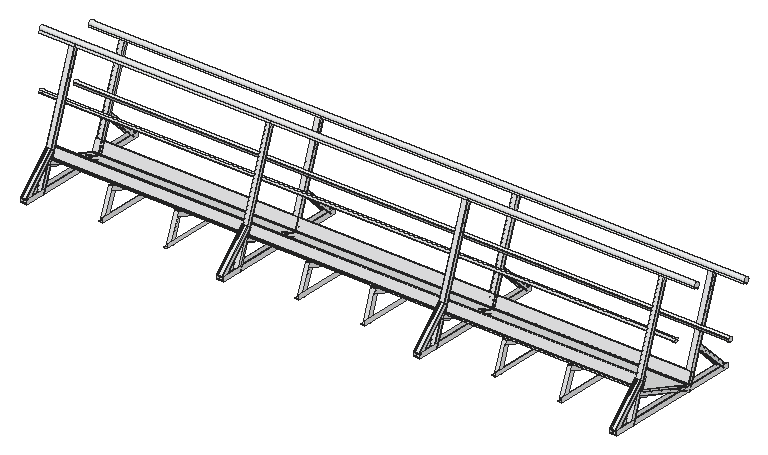
Revit family "Walkway_KattsafeUSA_Guardrail2Sides_Levelled", category Specialty Equipment, Revit 2026 (continued)
Definition of nested family "z_Walkway_LevelledBatten_KattsafeUSA_Array_2Guardrail"
  Definition of nested family "z_Walkway_LevelledBatten_KattsafeUSA_2Guardrail"
    Forms (in)
      SweptBlend 3, solid, material <- "Material"
        profile origin (-1.01514, 26.85467, 1.5748) x (0, -0.34202, -0.939693) y (1, 0, 0)
          loop
            line (0, -0.90551) -> (0.11811, -0.90551) -> (0.11811, 0.55118) -> (1.5748, 0.55118) -> (1.5748, 0.66929) -> (0, 0.66929) -> (0, -0.90551)
        end profile origin (-1.01514, 2.32647, 10.50234) x (0, -0.34202, -0.939693) y (1, 0, 0)
          loop
            line (0, -0.90551) -> (0.11811, -0.90551) -> (0.11811, 0.55118) -> (1.5748, 0.55118) -> (1.5748, 0.66929) -> (0, 0.66929) -> (0, -0.90551)
    Cuts and joins
      joined: Sweep 2, SweptBlend 3
    Lines and regions (in)
      reference lines
        curve 1: line (-1.01514, -1.49606, 0) -> (-1.01514, 2.32647, 10.50234)
        curve 2: line (-1.01514, 26.85467, 1.5748) -> (-1.01514, 2.32647, 10.50234)
    Dimensions and locks (in)
      plane 6 "Base Channel_Top" to plane 1 "Bottom" = 0' - 1.5748"
      equal spacing: plane 3 "Post_Front", plane 7 "Post_Centre (Front/Back)", plane 2 "Post_Back"
      equal spacing: plane 8 "Left", plane 4 "Center (Left/Right)", plane 9 "Right"
      "ManufacturerOverallWidth": plane 8 "Left" to plane 9 "Right"
      locked: plane 3 "Post_Front" to plane 5 "Front" at 1.65354
      locked: plane 2 "Post_Back" to plane 3 "Post_Front" at 1.5748
      curve 1 to curve 2 = 2' - 2.10236"
      locked: SweptBlend 3 sketch curve to curve 1 at 0
      locked: Sweep 1 sketch curve to plane 9 "Right" at 0.11811
      locked: Sweep 1 sketch curve to plane 1 "Bottom" at 0.11811
      locked: Sweep 2 sketch curve to curve 1 at 0.11993
      "ManufacturerOverallDepth": plane 10 "Back" to plane 5 "Front"
      locked: Sweep 2 sketch curve to curve 2 at 0
      "RoofPitch_Calc": angle plane 1 "Bottom" to curve 1
      "RoofPitch": angle plane 1 "Bottom" to curve 2
      aligned and locked: level to plane 1 "Bottom"
      aligned and locked: plane 10 "Back" to Sweep 1 sketch curve
      aligned and locked: curve 1 to Sweep 2 sketch curve
      aligned and locked: profile plane to Sweep 2 sketch curve
      aligned and locked: curve 2 to SweptBlend 3 sketch curve
      aligned and locked: plane 8 "Left" to Sweep 1 sketch curve
      aligned and locked: Sweep 1 sketch curve to plane 6 "Base Channel_Top"
      aligned and locked: Sweep 1 sketch curve to plane 9 "Right"
      aligned and locked: plane 6 "Base Channel_Top" to curve 2
      aligned and locked: plane 3 "Post_Front" to curve 1
      aligned and locked: plane 1 "Bottom" to curve 1
    Automatic sketch dimensions
      Sweep 1 sketch curve to plane 5 "Front" = 0' - 0"
      plane 6 "Base Channel_Top" to Sweep 1 sketch curve = 0' - 0"
      Sweep 1 sketch curve to Sweep 1 sketch curve = 0' - 0.11811"
      profile plane to Sweep 2 sketch curve = 0' - 0.11811"
      plane 4 "Center (Left/Right)" to Sweep 2 sketch curve = 0' - 0.43307"
      Sweep 2 sketch curve to Sweep 2 sketch curve = 0' - 1.45669"
      Sweep 2 sketch curve to plane 4 "Center (Left/Right)" = 0' - 1.02362"
      Sweep 2 sketch curve to Sweep 2 sketch curve = 0' - 0.11811"
      SweptBlend 3 sketch curve to profile plane = 0' - 0"
      SweptBlend 3 sketch curve to profile plane = 0' - 0.11811"  (x2)
      SweptBlend 3 sketch curve to SweptBlend 3 sketch curve = 0' - 1.45669"  (x2)
      SweptBlend 3 sketch curve to plane 4 "Center (Left/Right)" = 0' - 0.90551"  (x2)
      plane 4 "Center (Left/Right)" to SweptBlend 3 sketch curve = 0' - 0.55118"  (x2)
      SweptBlend 3 sketch curve to SweptBlend 3 sketch curve = 0' - 0.11811"  (x2)
      profile plane to SweptBlend 3 sketch curve = 0' - 0"
      plane 6 "Base Channel_Top" to SweptBlend 3 sketch curve = 0' - 0"
Definition of nested family "z_Guardrail_KattsafeUSA_HandrailTube"
  Parameters (values of type "GW374")
    URL = "https://kattsafe.com"
    Type Comments = ""
    Model = "GW374"
    Material [instance] = none
    ManufacturerURLProductSpecific = ""
    ManufacturerSpecCode = Model  # "GW374"
    ManufacturerOverallWidth = 0' - 1.9685"  # constant formula
    ManufacturerOverallLength [instance] = 19' - 8.22047"
    ManufacturerOverallHeight = 0' - 2.24409"  # constant formula
    Manufacturer = "Kattsafe®"  # constant formula
    Keynote = ""
    Description = "Handrail Tube"
    Default Elevation = 0' - 0"  # constant formula
    CreatedBy = "IGS BIM Solutions"  # constant formula
    CreatedByURL = "https://igsgroup.com.au"
  Reference planes (in)
    plane 1 "Bottom": z = 0
    plane 2 "Center (Front/Back)": y = 0
    plane 3 "Front": y = -0.98425
    plane 4 "Left": x = -1.01514
    plane 5 "Center (Left/Right)": x = 117.0951
    plane 6 "Top": z = 2.24409
    plane 7 "Right": x = 235.20533
    plane 8 "Back": y = 0.98425
    plane 9 "Rail_Top": z = 0.59055
  Forms (in)
    Extrusion 1, solid, material <- "Material"
      sketch origin (-1.01514, 0, 0) x (0, 1, 0) y (0, 0, 1)
        loop
          arc (0.82677, 0.7258) -> (0, 2.24409) -> (-0.82677, 0.7258) r 0.98425
          line (-0.82677, 0.7258) -> (-0.82677, 0) -> (-0.7874, 0) -> (-0.7874, 0.59055) -> (0.7874, 0.59055) -> (0.7874, 0) -> (0.82677, 0) -> (0.82677, 0.7258)
      from 0 to 236.22047
  Dimensions and locks (in)
    "ManufacturerOverallWidth": plane 8 "Back" to plane 3 "Front"
    "ManufacturerOverallHeight": plane 6 "Top" to plane 1 "Bottom"
    equal spacing: plane 4 "Left", plane 5 "Center (Left/Right)", plane 7 "Right"
    "ManufacturerOverallLength": plane 4 "Left" to plane 7 "Right"
    equal spacing: plane 8 "Back", plane 2 "Center (Front/Back)", plane 3 "Front"
    locked: plane 9 "Rail_Top" to plane 1 "Bottom" at 0.59055
    aligned and locked: plane 1 "Bottom" to level
    aligned and locked: Extrusion 1 sketch curve to plane 1 "Bottom"  (x2)
    aligned and locked: Extrusion 1 to plane 4 "Left"
    aligned and locked: Extrusion 1 to plane 7 "Right"
  Automatic sketch dimensions
    Extrusion 1 sketch curve to plane 2 "Center (Front/Back)" = 0' - 0"
    Extrusion 1 sketch curve to Extrusion 1 sketch curve = 0' - 0.13525"
    Extrusion 1 sketch curve to plane 9 "Rail_Top" = 0' - 0.13525"
    Extrusion 1 sketch curve to Extrusion 1 sketch curve = 0' - 0.03937"  (x2)
    plane 3 "Front" to Extrusion 1 sketch curve = 0' - 0.19685"
    Extrusion 1 sketch curve to plane 9 "Rail_Top" = 0' - 0.66929"
    plane 9 "Rail_Top" to Extrusion 1 sketch curve = 0' - 0"
Definition of nested family "z_Guardrail_KattsafeUSA_KneerailTube"
  Parameters (values of type "GW375")
    URL = "https://kattsafe.com"
    Type Comments = ""
    Model = "GW375"
    Material [instance] = none
    ManufacturerURLProductSpecific = ""
    ManufacturerSpecCode = Model  # "GW375"
    ManufacturerOverallWidth = 0' - 1.35039"  # constant formula
    ManufacturerOverallLength [instance] = 19' - 8.22047"
    ManufacturerOverallHeight = 0' - 1.5748"  # constant formula
    Manufacturer = "Kattsafe®"  # constant formula
    Keynote = ""
    Description = "Kneerail Tube"
    Default Elevation = 0' - 0"  # constant formula
    CreatedBy = "IGS BIM Solutions"  # constant formula
    CreatedByURL = "https://igsgroup.com.au"
  Reference planes (in)
    plane 1 "Bottom": z = 0
    plane 2 "Center (Front/Back)": y = 0.05659
    plane 3 "Front": y = -0.6752
    plane 4 "Left": x = -1.01514
    plane 5 "Center (Left/Right)": x = 117.0951
    plane 6 "Top": z = 1.5748
    plane 7 "Right": x = 235.20533
    plane 8 "Back": y = 0.6752
    plane 9 "Center (Elevation)": z = 0.7874
  Forms (in)
    Extrusion 1, solid, material <- "Material"
      sketch origin (117.0951, 0, 0) x (0, 1, 0) y (0, 0, -1)
        loop
          line (0.6752, -1.27457) -> (0.6752, -0.30023)
          arc (0.6752, -0.30023) -> (-0.05679, -0.00821) -> (-0.6752, -0.49674) r 0.7874
          line (-0.6752, -0.49674) -> (-0.51772, -0.49674) -> (-0.51772, -1.07806) -> (-0.6752, -1.07806)
          arc (-0.6752, -1.07806) -> (-0.05679, -1.5666) -> (0.6752, -1.27457) r 0.7874
      from -118.11024 to 118.11024
  Dimensions and locks (in)
    "ManufacturerOverallWidth": plane 8 "Back" to plane 3 "Front"
    "ManufacturerOverallHeight": plane 6 "Top" to plane 1 "Bottom"
    equal spacing: plane 4 "Left", plane 5 "Center (Left/Right)", plane 7 "Right"
    "ManufacturerOverallLength": plane 4 "Left" to plane 7 "Right"
    equal spacing: plane 6 "Top", plane 9 "Center (Elevation)", plane 1 "Bottom"
    aligned and locked: plane 1 "Bottom" to level
    aligned and locked: Extrusion 1 to plane 7 "Right"
    aligned and locked: Extrusion 1 to plane 4 "Left"
  Automatic sketch dimensions
    Extrusion 1 sketch curve to Extrusion 1 sketch curve = 0' - 0"  (x2)
    Extrusion 1 sketch curve to plane 3 "Front" = 0' - 0"  (x2)
    Extrusion 1 sketch curve to plane 2 "Center (Front/Back)" = 0' - 0"
    Extrusion 1 sketch curve to plane 8 "Back" = 0' - 0"
    plane 9 "Center (Elevation)" to Extrusion 1 sketch curve = 0' - 0"
    Extrusion 1 sketch curve to Extrusion 1 sketch curve = 0' - 0.15748"
    Extrusion 1 sketch curve to plane 9 "Center (Elevation)" = 0' - 0.29066"
    plane 9 "Center (Elevation)" to Extrusion 1 sketch curve = 0' - 0.29066"
Definition of nested family "z_Guardrail_KattsafeUSA_HandrailClosureBend"
  Parameters (values of type "GW387")
    URL = "https://kattsafe.com"
    Type Comments = ""
    Model = "GW387"
    Material [instance] = none
    ManufacturerURLProductSpecific = ""
    ManufacturerSpecCode = Model  # "GW387"
    ManufacturerOverallWidth = 0' - 1.9685"  # constant formula
    ManufacturerOverallLength [instance] = 1' - 3.74803"  # constant formula
    ManufacturerOverallHeight = 1' - 8.94488"  # constant formula
    Manufacturer = "Kattsafe®"  # constant formula
    Keynote = ""
    Description = "Handrail Closure Bend"
    Default Elevation = 0' - 0"  # constant formula
    CreatedBy = "IGS BIM Solutions"  # constant formula
    CreatedByURL = "https://igsgroup.com.au"
  Reference planes (in)
    plane 1 "Bottom": z = 0
    plane 2 "Center (Front/Back)": y = 0
    plane 3 "Front": y = -0.98425
    plane 4 "Left": x = -1.01514
    plane 5 "Center (Left/Right)": x = 6.85888
    plane 6 "Top": z = 20.94488
    plane 7 "Right": x = 14.73289
    plane 8 "Handrail_Back": y = 0.98425
    plane 9 "Kneerail_Centre (Front/Back)": y = 1.36614
    plane 10 "Kneerail_Centre (Elevation)": z = 0.7874
    plane 11 "Handrail_Centre (Elevation)": z = 19.96063
    plane 12 "Back": y = 2.35002
  Forms (in)
    Sweep 1, solid, material <- "Material"
      path origin (0, 1.41865, 0.05048) x (1, 0, 0) y (0, -0.071072, 0.997471)
        loop
          line (14.73289, 20.94488) -> (2.92187, 20.94488)
          arc (2.92187, 20.94488) -> (0.13798, 19.79176) -> (-1.01514, 17.00787) r 3.93701
          line (-1.01514, 17.00787) -> (-1.01514, 3.69685)
          arc (-1.01514, 3.69685) -> (0.13798, 0.91297) -> (2.92187, -0.24016) r 3.93701
          line (2.92187, -0.24016) -> (6.46518, -0.24016)
      profile origin (8.82738, -0.06995, 20.94239) x (0, 0.071072, -0.997471) y (0, -0.997471, -0.071072)
        loop
          circle (0.98425, 0) r 0.98425
    SweptBlend 2, solid, material <- "Material"
      path origin (0, 1.36614, 0) x (-1, 0, 0) y (0, 0, 1)
        loop
          line (-6.46518, 0.7874) -> (-6.85888, 0.7874)
      profile origin (6.46518, 1.36614, 0.7874) x (0, 0, 1) y (0, -1, 0)
        loop
          circle (0, 0) r 0.98425
      end profile origin (6.85888, 1.36614, 0.7874) x (0, 0, 1) y (0, -1, 0)
        loop
          circle (0, 0) r 0.7874
  Lines and regions (in)
    symbolic lines
      curve 1: circle (14.73289, 1.36614, 0.7874) r 0.98425 normal (1, 0, 0)
  Dimensions and locks (in)
    "ManufacturerOverallWidth": plane 8 "Handrail_Back" to plane 3 "Front"
    "ManufacturerOverallHeight": plane 6 "Top" to plane 1 "Bottom"
    equal spacing: plane 4 "Left", plane 5 "Center (Left/Right)", plane 7 "Right"
    "ManufacturerOverallLength": plane 4 "Left" to plane 7 "Right"
    equal spacing: plane 8 "Handrail_Back", plane 2 "Center (Front/Back)", plane 3 "Front"
    locked: plane 2 "Center (Front/Back)" to plane 9 "Kneerail_Centre (Front/Back)" at 1.36614
    locked: profile plane to Sweep 1 sketch curve at 0.98425
    Sweep 1 sketch curve to plane 5 "Center (Left/Right)" = 0' - 0.3937"
    locked: plane 12 "Back" to plane 3 "Front" at 3.33427
    radius of Sweep 1 sketch curve = 0' - 3.93701"  (x2)
    radius of SweptBlend 2 sketch curve = 0' - 0.98425"
    radius of SweptBlend 2 sketch curve = 0' - 0.7874"
    aligned and locked: plane 1 "Bottom" to level
    aligned and locked: Sweep 1 sketch curve to plane 4 "Left"
    aligned and locked: profile plane to Sweep 1 sketch curve
    aligned and locked: plane 10 "Kneerail_Centre (Elevation)" to SweptBlend 2 sketch curve
    aligned and locked: profile plane to SweptBlend 2 sketch curve  (x4)
  Automatic sketch dimensions
    curve 1 to plane 9 "Kneerail_Centre (Front/Back)" = 0' - 0"
    plane 10 "Kneerail_Centre (Elevation)" to curve 1 = 0' - 0"
    Sweep 1 sketch curve to plane 7 "Right" = 0' - 0"
    Sweep 1 sketch curve to Sweep 1 sketch curve = 1' - 1.31102"
    plane 5 "Center (Left/Right)" to SweptBlend 2 sketch curve = 0' - 0"
    SweptBlend 2 sketch curve to plane 5 "Center (Left/Right)" = 0' - 0.3937"
    radius of curve 1 = 0' - 0.98425"
    radius of Sweep 1 sketch curve = 0' - 0.98425"
Definition of nested family "z_Guardrail_KattsafeUSA_ToeBoard"
  Parameters (values of type "GW320")
    URL = "https://kattsafe.com"
    Type Comments = ""
    Model = "GW320"
    Material [instance] = none
    ManufacturerURLProductSpecific = ""
    ManufacturerSpecCode = Model  # "GW320"
    ManufacturerOverallWidth = 0' - 0.98425"  # constant formula
    ManufacturerOverallLength [instance] = 19' - 8.22047"
    ManufacturerOverallHeight = 0' - 3.93701"  # constant formula
    Manufacturer = "Kattsafe®"  # constant formula
    Keynote = ""
    Description = "Toe Board 100 x 25 C Section"
    Default Elevation = 0' - 0"  # constant formula
    CreatedBy = "IGS BIM Solutions"  # constant formula
    CreatedByURL = "https://igsgroup.com.au"
  Reference planes (in)
    plane 1 "Bottom": z = 0
    plane 2 "Center (Front/Back)": y = 0
    plane 3 "Front": y = -0.49213
    plane 4 "Left": x = -1.01514
    plane 5 "Center (Left/Right)": x = 117.0951
    plane 6 "Top": z = 3.93701
    plane 7 "Right": x = 235.20533
    plane 8 "Back": y = 0.49213
  Forms (in)
    Extrusion 1, solid, material <- "Material"
      sketch origin (-1.01514, 0, 0) x (0, 1, 0) y (0, 0, 1)
        loop
          line (0.49213, 0) -> (0.49213, 3.93701) -> (-0.49213, 3.93701) -> (-0.49213, 3.8189) -> (0.37402, 3.8189) -> (0.37402, 0.11811) -> (-0.49213, 0.11811) -> (-0.49213, 0) -> (0.49213, 0)
      from 0 to 236.22047
  Dimensions and locks (in)
    "ManufacturerOverallWidth": plane 8 "Back" to plane 3 "Front"
    "ManufacturerOverallHeight": plane 6 "Top" to plane 1 "Bottom"
    equal spacing: plane 4 "Left", plane 5 "Center (Left/Right)", plane 7 "Right"
    "ManufacturerOverallLength": plane 4 "Left" to plane 7 "Right"
    equal spacing: plane 8 "Back", plane 2 "Center (Front/Back)", plane 3 "Front"
    aligned and locked: plane 1 "Bottom" to level
    aligned and locked: Extrusion 1 to plane 4 "Left"
    aligned and locked: Extrusion 1 to plane 7 "Right"
  Automatic sketch dimensions
    level to Extrusion 1 sketch curve = 0' - 0"
    Extrusion 1 sketch curve to plane 3 "Front" = 0' - 0"
    plane 6 "Top" to Extrusion 1 sketch curve = 0' - 0"
    Extrusion 1 sketch curve to plane 8 "Back" = 0' - 0"
    plane 2 "Center (Front/Back)" to Extrusion 1 sketch curve = 0' - 0.49213"
    level to Extrusion 1 sketch curve = 0' - 0.11811"
    plane 8 "Back" to Extrusion 1 sketch curve = 0' - 0.11811"
    plane 6 "Top" to Extrusion 1 sketch curve = 0' - 0.11811"
Definition of nested family "z_Walkway_KattsafeUSA_Aluminium"
  Parameters (values of type "GW335.6000")
    WalkwayMaterial [instance] = none
    URL = "https://kattsafe.com"
    Type Comments = ""
    Model = "GW335.6000"
    Material [instance] = none
    ManufacturerURLProductSpecific = ""
    ManufacturerSpecCode = Model  # "GW335.6000"
    ManufacturerOverallWidth [instance] = 1' - 11.62205"
    ManufacturerOverallLength [instance] = 19' - 8.22047"
    ManufacturerOverallHeight = 0' - 0.51181"  # constant formula
    Manufacturer = "Kattsafe®"  # constant formula
    Keynote = ""
    End2_Angle_Calc [instance] = if(1 = 1, End2_Angle + 90.00°, 0.00°)  # 90.00°
    End2_Angle [instance] = 0.00°
    End1_Angle_Calc [instance] = if(1 = 1, End1_Angle + 90.00°, 0.00°)  # 90.00°
    End1_Angle [instance] = 0.00°
    Description = ""
    Default Elevation = 0' - 0"  # constant formula
    CreatedBy = "IGS BIM Solutions"  # constant formula
    CreatedByURL = "https://igsgroup.com.au"
  Reference planes (in)
    plane 1 "Bottom": z = 0
    plane 2 "Center (Front/Back)": y = 0
    plane 3 "Front": y = -11.81102
    plane 4 "Left": x = -1.01514
    plane 5 "Center (Left/Right)": x = 117.0951
    plane 6 "Top": z = 0.51181
    plane 7 "Right": x = 235.20533
    plane 8 "Back": y = 11.81102
    plane 9 "InsetBack": y = 11.77165
    plane 10 "InsetFront": y = -11.77165
  Forms (in)
    Extrusion 1, solid, material <- "Material"
      sketch origin (0, 0, 0) x (1, 0, 0) y (0, 1, 0)
        loop
          line (-1.01514, 11.81102) -> (-1.01514, -11.81102) -> (235.20533, -11.81102) -> (235.20533, 11.81102) -> (-1.01514, 11.81102)
        loop
          line (-0.97577, 11.77165) -> (-0.97577, -11.77165) -> (235.16596, -11.77165) -> (235.16596, 11.77165) -> (-0.97577, 11.77165)
      from 0 to 0.51181
    Extrusion 2, solid, material <- "WalkwayMaterial"
      sketch origin (0, 0, 0) x (1, 0, 0) y (0, 1, 0)
        loop
          line (-0.97577, 11.77165) -> (-0.97577, -11.77165) -> (235.16596, -11.77165) -> (235.16596, 11.77165) -> (-0.97577, 11.77165)
      from 0 to 0.51181
  Lines and regions (in)
    reference lines
      curve 1: line (-1.01514, -11.81102, 0) -> (-1.01514, 11.81102, 0)
      curve 2: line (235.20533, -11.81102, 0) -> (235.20533, 11.81102, 0)
      curve 3: line (-0.97577, 11.81102, 0) -> (-0.97577, -11.81102, 0)
      curve 4: line (235.16596, -11.81102, 0) -> (235.16596, 11.81102, 0)
  Dimensions and locks (in)
    "ManufacturerOverallWidth": plane 8 "Back" to plane 3 "Front"
    "ManufacturerOverallHeight": plane 6 "Top" to plane 1 "Bottom"
    equal spacing: plane 4 "Left", plane 5 "Center (Left/Right)", plane 7 "Right"
    "ManufacturerOverallLength": plane 4 "Left" to plane 7 "Right"
    equal spacing: plane 8 "Back", plane 2 "Center (Front/Back)", plane 3 "Front"
    locked: plane 9 "InsetBack" to plane 8 "Back" at 0.03937
    locked: plane 10 "InsetFront" to plane 3 "Front" at 0.03937
    locked: curve 3 to curve 1 at 0.03937
    locked: curve 2 to curve 4 at 0.03937
    "End1_Angle_Calc": angle curve 1 to plane 3 "Front"
    "End2_Angle_Calc": angle plane 3 "Front" to curve 2
    "End1_Angle_Calc": angle curve 3 to plane 3 "Front"
    "End2_Angle_Calc": angle plane 3 "Front" to curve 4
    aligned and locked: plane 1 "Bottom" to level
    aligned and locked: Extrusion 1 to plane 3 "Front"
    aligned and locked: Extrusion 1 to plane 8 "Back"
    aligned and locked: Extrusion 1 to plane 1 "Bottom"
    aligned and locked: Extrusion 1 to plane 6 "Top"
    aligned and locked: plane 4 "Left" to curve 1
    aligned and locked: plane 3 "Front" to curve 1
    aligned and locked: plane 8 "Back" to curve 1
    aligned and locked: plane 7 "Right" to curve 2
    aligned and locked: plane 3 "Front" to curve 2
    aligned and locked: plane 8 "Back" to curve 2
    aligned and locked: plane 9 "InsetBack" to Extrusion 1 sketch curve
    aligned and locked: plane 10 "InsetFront" to Extrusion 1 sketch curve
    aligned and locked: plane 9 "InsetBack" to Extrusion 2 sketch curve
    aligned and locked: plane 10 "InsetFront" to Extrusion 2 sketch curve
    aligned and locked: Extrusion 2 to plane 6 "Top"
    aligned and locked: Extrusion 2 to plane 1 "Bottom"
    aligned and locked: plane 3 "Front" to curve 3
    aligned and locked: plane 8 "Back" to curve 3
    aligned and locked: plane 3 "Front" to curve 4
    aligned and locked: plane 8 "Back" to curve 4
    aligned and locked: Extrusion 2 sketch curve to curve 4
    aligned and locked: Extrusion 2 sketch curve to curve 3
    aligned and locked: Extrusion 1 sketch curve to curve 3
    aligned and locked: Extrusion 1 sketch curve to curve 1
    aligned and locked: Extrusion 1 sketch curve to curve 4
    aligned and locked: Extrusion 1 sketch curve to curve 2
  Automatic sketch dimensions
    plane 8 "Back" to Extrusion 1 sketch curve = 0' - 0"
    Extrusion 1 sketch curve to plane 3 "Front" = 0' - 0"
